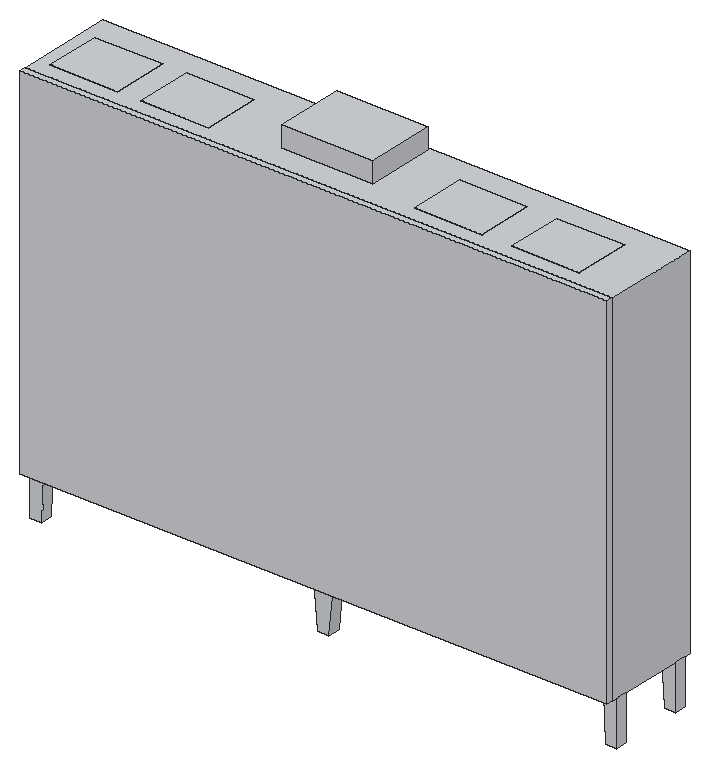
Revit family "AHU 1 _1", category Mechanické zařízení, Revit 2018
Family settings
  Kóta kulaté spojky = Použít průměr
  Typ dílu = Normální
  Číslo OmniClass = 23.75.00.00
  Nadpis OmniClass = Climate Control (HVAC)
  Založené na pracovní rovině = Ne
  Vždy vertikální = Ano
  Ořezat dutým tvarem při načtení = Ne
  Sdílené = Ne
  Bod výpočtu místnosti = Ne
Parameters (values of type "DUPLEXVENT 1500 Multi Eco-V")
  Width [instance] = 0.455 mm
  Weight [instance] = 329.00 kg
  URL = ""
  Type [instance] = "DUPLEXVENT 1500 Multi Eco-V"
  Total_SFP [instance] = 0
  Supply_outlet_hum [instance] = 90
  Supply_inlet_hum [instance] = 90
  Supply_ext_pressure [instance] = 0.0 Pa
  Supply_SFP [instance] = 0
  Source_adu_file [instance] = ""
  Recuperation_type [instance] = "Plate heat recovery exchanger"
  Recuperation_efficiency_EN308 [instance] = 0
  Project_name [instance] = ""
  Project_date [instance] = "10.8.2023"
  Power_supply_fusing [instance] = "0"
  Power_supply_cable [instance] = "0"
  Position [instance] = "AHU 1 "
  Phases_count [instance] = 1
  Panel_thickness [instance] = 0.06 mm
  Outer_surface [instance] = "RAL 9002"
  Length [instance] = 2.6 mm
  Insulation_type [instance] = "PUR"
  Insulation_thickness [instance] = 0.05 mm
  Installation_environment [instance] = ""
  Input_power_max [instance] = 1560 W
  Inner_surface [instance] = "Pozink"
  I2 [instance] = I1  # 0.0 L/s
  Height [instance] = 1.6 mm
  Exhaust_outlet_hum [instance] = 40
  Exhaust_inlet_hum [instance] = 40
  Exhaust_ext_pressure [instance] = 0.0 Pa
  Exhaust_SFP [instance] = 0
  E1 [instance] = E2 - M1  # 0.0 L/s
  E2 [instance] = 0.0 L/s
  I1 [instance] = 0.0 L/s
  Description = ""
  M1 [instance] = 0.0 L/s
  Device_dutypoint_version [instance] = "0"
  Device_design_version [instance] = "9"
  Device_adu_id [instance] = "1"
  Current_max [instance] = 7.8 A
  Casing_mat [instance] = "painted zinc layer"
  Cable type [instance] = "CYKY 3Jx2,5"
Reference planes
  plane 1 "Střed (vpředu/vzadu)": y = 0
  plane 2 "ref": z = 0
  plane 3 "Střed (vlevo/vpravo)": x = 0
Forms (mm)
  Sweep 1, solid
    path origin (0, 0, 0) x (0, 0, 1) y (1, 0, 0)
      loop
        line (0, 0) -> (1600, 0)
    profile origin (0, 0, 0) x (1, 0, 0) y (0, 1, 0)
      loop
        line (0, 0) -> (2600, 0) -> (2600, 425) -> (0, 425) -> (0, 0)
  Sweep 2, solid
    path origin (610, 190, 1599) x (0, 0, 1) y (1, 0, 0)
      loop
        line (0, 0) -> (1, 0)
    profile origin (610, 190, 1599) x (1, 0, 0) y (0, 1, 0)
      loop
        line (-150, -125) -> (150, -125) -> (150, 125) -> (-150, 125) -> (-150, -125)
  Sweep 3, solid
    path origin (2250, 190, 1599) x (0, 0, 1) y (1, 0, 0)
      loop
        line (0, 0) -> (1, 0)
    profile origin (2250, 190, 1599) x (1, 0, 0) y (0, 1, 0)
      loop
        line (-150, -125) -> (150, -125) -> (150, 125) -> (-150, 125) -> (-150, -125)
  Sweep 4, solid
    path origin (1820, 190, 1599) x (0, 0, 1) y (1, 0, 0)
      loop
        line (0, 0) -> (1, 0)
    profile origin (1820, 190, 1599) x (1, 0, 0) y (0, 1, 0)
      loop
        line (-150, -125) -> (150, -125) -> (150, 125) -> (-150, 125) -> (-150, -125)
  Sweep 5, solid
    path origin (205, 190, 1599) x (0, 0, 1) y (1, 0, 0)
      loop
        line (0, 0) -> (1, 0)
    profile origin (205, 190, 1599) x (1, 0, 0) y (0, 1, 0)
      loop
        line (-150, -125) -> (150, -125) -> (150, 125) -> (-150, 125) -> (-150, -125)
  Sweep 6, solid
    path origin (1150, 198, 0) x (0, -1, 0) y (0, 0, 1)
      loop
        line (0, 0) -> (0, -142)
    profile origin (1150, 198, 0) x (-1, 0, 0) y (0, -1, 0)
      loop
        circle (0, 0) r 8
  Sweep 7, solid
    path origin (1158, 198, -150) x (0, 0, -1) y (1, 0, 0)
      loop
        line (0, 0) -> (0, 14)
    profile origin (1158, 198, -150) x (0, 0, 1) y (0, -1, 0)
      loop
        circle (0, 0) r 8
  Sweep 8, solid
    path origin (1180, 198, -142) x (0, -1, 0) y (0, 0, 1)
      loop
        line (0, 0) -> (0, 59)
    profile origin (1180, 198, -142) x (0, 1, 0) y (-1, 0, 0)
      loop
        circle (0, 0) r 8
  Sweep 9, solid
    path origin (1188, 198, -75) x (0, 0, -1) y (1, 0, 0)
      loop
        line (0, 0) -> (0, 22)
    profile origin (1188, 198, -75) x (0, 0, 1) y (0, -1, 0)
      loop
        circle (0, 0) r 8
  Sweep 10, solid
    path origin (1625, 198, 0) x (0, -1, 0) y (0, 0, 1)
      loop
        line (0, 0) -> (0, -142)
    profile origin (1625, 198, 0) x (-1, 0, 0) y (0, -1, 0)
      loop
        circle (0, 0) r 8
  Sweep 11, solid
    path origin (1633, 198, -150) x (0, 0, -1) y (1, 0, 0)
      loop
        line (0, 0) -> (0, 14)
    profile origin (1633, 198, -150) x (0, 0, 1) y (0, -1, 0)
      loop
        circle (0, 0) r 8
  Sweep 12, solid
    path origin (1655, 198, -142) x (0, -1, 0) y (0, 0, 1)
      loop
        line (0, 0) -> (0, 59)
    profile origin (1655, 198, -142) x (0, 1, 0) y (-1, 0, 0)
      loop
        circle (0, 0) r 8
  Sweep 13, solid
    path origin (1663, 198, -75) x (0, 0, -1) y (1, 0, 0)
      loop
        line (0, 0) -> (0, 22)
    profile origin (1663, 198, -75) x (0, 0, 1) y (0, -1, 0)
      loop
        circle (0, 0) r 8
  Sweep 14, solid
    path origin (0, 0, 0) x (0, 0, 1) y (1, 0, 0)
      loop
        line (0, 0) -> (1600, 0)
    profile origin (0, 0, 0) x (1, 0, 0) y (0, 1, 0)
      loop
        line (0, -30) -> (2600, -30) -> (2600, -5) -> (0, -5) -> (0, -30)
  Sweep 15, solid
    path origin (25, 75, 0) x (1, 0, 0) y (0, 1, 0)
      loop
        line (0, 0) -> (0, -50)
    profile origin (25, 75, 0) x (1, 0, 0) y (0, 0, 1)
      loop
        line (-25, 0) -> (-25, -200) -> (25, -200) -> (35, 0) -> (-25, 0)
  Sweep 16, solid
    path origin (2575, 75, 0) x (1, 0, 0) y (0, 1, 0)
      loop
        line (0, 0) -> (0, -50)
    profile origin (2575, 75, 0) x (1, 0, 0) y (0, 0, 1)
      loop
        line (-35, 0) -> (-25, -200) -> (25, -200) -> (25, 0) -> (-35, 0)
  Sweep 17, solid
    path origin (25, 400, 0) x (1, 0, 0) y (0, 1, 0)
      loop
        line (0, 0) -> (0, -50)
    profile origin (25, 400, 0) x (1, 0, 0) y (0, 0, 1)
      loop
        line (-25, 0) -> (-25, -200) -> (25, -200) -> (35, 0) -> (-25, 0)
  Sweep 18, solid
    path origin (2575, 400, 0) x (1, 0, 0) y (0, 1, 0)
      loop
        line (0, 0) -> (0, -50)
    profile origin (2575, 400, 0) x (1, 0, 0) y (0, 0, 1)
      loop
        line (-35, 0) -> (-25, -200) -> (25, -200) -> (25, 0) -> (-35, 0)
  Sweep 19, solid
    path origin (1300, 75, 0) x (1, 0, 0) y (0, 1, 0)
      loop
        line (0, 0) -> (0, -50)
    profile origin (1300, 75, 0) x (1, 0, 0) y (0, 0, 1)
      loop
        line (-45, 0) -> (-25, -200) -> (25, -200) -> (45, 0) -> (-45, 0)
  Sweep 20, solid
    path origin (1300, 400, 0) x (1, 0, 0) y (0, 1, 0)
      loop
        line (0, 0) -> (0, -50)
    profile origin (1300, 400, 0) x (1, 0, 0) y (0, 0, 1)
      loop
        line (-45, 0) -> (-25, -200) -> (25, -200) -> (45, 0) -> (-45, 0)
  Sweep 21, solid
    path origin (0, 0, 1600) x (0, 0, 1) y (1, 0, 0)
      loop
        line (0, 0) -> (90, 0)
    profile origin (0, 0, 1600) x (1, 0, 0) y (0, 1, 0)
      loop
        line (1045, 110) -> (1450, 110) -> (1450, 415) -> (1045, 415) -> (1045, 110)
  Sweep 22, solid
    path origin (1045, 263, 1645) x (0, 0, -1) y (1, 0, 0)
      loop
        line (0, 0) -> (0, -1)
    profile origin (1045, 263, 1645) x (0, 0, -1) y (0, -1, 0)
      loop
        circle (0, 0) r 10
Lines and regions (mm)
  model lines, style "Symbol"
    curve 1: line (1300, -30, 1600) -> (1300, -30, 960)
    curve 2: line (650, -30, 1600) -> (650, -30, 480)
    curve 3: line (650, -30, 480) -> (820, -30, 480)
    curve 4: line (1950, -30, 1600) -> (1950, -30, 480)
    curve 5: line (1950, -30, 480) -> (1780, -30, 480)
    curve 6: line (820, -30, 480) -> (1060, -30, 960)
    curve 7: line (1060, -30, 960) -> (1540, -30, 960)
    curve 8: line (1540, -30, 960) -> (1780, -30, 480)
    curve 9: line (1780, -30, 480) -> (1540, -30, 0)
    curve 10: line (1540, -30, 0) -> (1300, -30, 0)
    curve 11: line (1300, -30, 0) -> (1060, -30, 0)
    curve 12: line (1060, -30, 0) -> (820, -30, 480)
    curve 13: line (2133, -30, 1140) -> (2187, -30, 1460)
    curve 14: line (2417, -30, 1140) -> (2363, -30, 1460)
    curve 15: line (183, -30, 1140) -> (237, -30, 1460)
    curve 16: line (467, -30, 1140) -> (413, -30, 1460)
    curve 17: line (715, -30, 1280) -> (1235, -30, 1280)
    curve 18: line (1235, -30, 1280) -> (1235, -30, 1120)
    curve 19: line (1235, -30, 1120) -> (715, -30, 1120)
    curve 20: line (715, -30, 1120) -> (715, -30, 1280)
    curve 21: line (715, -30, 1200) -> (975, -30, 1120)
    curve 22: line (1235, -30, 1200) -> (975, -30, 1120)
    curve 23: line (1365, -30, 1280) -> (1885, -30, 1280)
    curve 24: line (1885, -30, 1280) -> (1885, -30, 1120)
    curve 25: line (1885, -30, 1120) -> (1365, -30, 1120)
    curve 26: line (1365, -30, 1120) -> (1365, -30, 1280)
    curve 27: line (1365, -30, 1200) -> (1625, -30, 1120)
    curve 28: line (1885, -30, 1200) -> (1625, -30, 1120)
    curve 29: line (701, -30, 552) -> (919, -30, 979)
    curve 30: line (919, -30, 979) -> (1035, -30, 920)
    curve 31: line (1035, -30, 920) -> (817, -30, 493)
    curve 32: line (817, -30, 493) -> (701, -30, 552)
    curve 33: line (842, -30, 799) -> (982, -30, 844)
    curve 34: line (754, -30, 628) -> (894, -30, 673)
    curve 35: line (0, 425, -200) -> (0, 425, 0)
    curve 36: line (2600, 425, -200) -> (2600, 425, 0)
    curve 37: line (0, 425, -200) -> (2600, 425, -200)
    curve 38: line (0, 0, -200) -> (0, 0, 0)
    curve 39: line (2600, 0, -200) -> (2600, 0, 0)
    curve 40: line (0, 0, -200) -> (2600, 0, -200)
    curve 41: line (0, 425, -200) -> (0, 0, -200)
    curve 42: line (2600, 425, -200) -> (2600, 0, -200)
    curve 43: line (0, 200, -200) -> (200, 0, -200)
    curve 44: line (0, 400, -200) -> (400, 0, -200)
    curve 45: line (175, 425, -200) -> (600, 0, -200)
    curve 46: line (375, 425, -200) -> (800, 0, -200)
    curve 47: line (575, 425, -200) -> (1000, 0, -200)
    curve 48: line (775, 425, -200) -> (1200, 0, -200)
    curve 49: line (975, 425, -200) -> (1400, 0, -200)
    curve 50: line (1175, 425, -200) -> (1600, 0, -200)
    curve 51: line (1375, 425, -200) -> (1800, 0, -200)
    curve 52: line (1575, 425, -200) -> (2000, 0, -200)
    curve 53: line (1775, 425, -200) -> (2200, 0, -200)
    curve 54: line (1975, 425, -200) -> (2400, 0, -200)
    curve 55: line (2175, 425, -200) -> (2600, 0, -200)
    curve 56: line (2375, 425, -200) -> (2600, 200, -200)
    curve 57: line (2575, 425, -200) -> (2600, 400, -200)
    curve 58: line (2600, 200, -200) -> (2600, 0, 0)
    curve 59: line (2600, 400, -200) -> (2600, 200, 0)
    curve 60: line (2600, 425, -25) -> (2600, 400, 0)
    curve 61: line (0, 0, 0) -> (200, 0, -200)
    curve 62: line (200, 0, 0) -> (400, 0, -200)
    curve 63: line (400, 0, 0) -> (600, 0, -200)
    curve 64: line (600, 0, 0) -> (800, 0, -200)
    curve 65: line (800, 0, 0) -> (1000, 0, -200)
    curve 66: line (1000, 0, 0) -> (1200, 0, -200)
    curve 67: line (1200, 0, 0) -> (1400, 0, -200)
    curve 68: line (1400, 0, 0) -> (1600, 0, -200)
    curve 69: line (1600, 0, 0) -> (1800, 0, -200)
    curve 70: line (1800, 0, 0) -> (2000, 0, -200)
    curve 71: line (2000, 0, 0) -> (2200, 0, -200)
    curve 72: line (2200, 0, 0) -> (2400, 0, -200)
    curve 73: line (2400, 0, 0) -> (2600, 0, -200)
    curve 74: line (0, 0, 2180) -> (0, 0, 1600)
    curve 75: line (2600, 0, 2180) -> (2600, 0, 1600)
    curve 76: line (0, 0, 2180) -> (2600, 0, 2180)
    curve 77: line (0, 425, 2180) -> (0, 425, 1600)
    curve 78: line (2600, 425, 2180) -> (2600, 425, 1600)
    curve 79: line (0, 425, 2180) -> (2600, 425, 2180)
    curve 80: line (0, 0, 2180) -> (0, 425, 2180)
    curve 81: line (2600, 0, 2180) -> (2600, 425, 2180)
    curve 82: line (0, 225, 2180) -> (200, 425, 2180)
    curve 83: line (0, 25, 2180) -> (400, 425, 2180)
    curve 84: line (175, 0, 2180) -> (600, 425, 2180)
    curve 85: line (375, 0, 2180) -> (800, 425, 2180)
    curve 86: line (575, 0, 2180) -> (1000, 425, 2180)
    curve 87: line (775, 0, 2180) -> (1200, 425, 2180)
    curve 88: line (975, 0, 2180) -> (1400, 425, 2180)
    curve 89: line (1175, 0, 2180) -> (1600, 425, 2180)
    curve 90: line (1375, 0, 2180) -> (1800, 425, 2180)
    curve 91: line (1575, 0, 2180) -> (2000, 425, 2180)
    curve 92: line (1775, 0, 2180) -> (2200, 425, 2180)
    curve 93: line (1975, 0, 2180) -> (2400, 425, 2180)
    curve 94: line (2175, 0, 2180) -> (2600, 425, 2180)
    curve 95: line (2375, 0, 2180) -> (2600, 225, 2180)
    curve 96: line (2575, 0, 2180) -> (2600, 25, 2180)
    curve 97: line (2600, 225, 2180) -> (2600, 425, 1980)
    curve 98: line (2600, 25, 2180) -> (2600, 425, 1780)
    curve 99: line (2600, 0, 2005) -> (2600, 405, 1600)
    curve 100: line (2600, 0, 1805) -> (2600, 205, 1600)
    curve 101: line (2600, 0, 1605) -> (2600, 5, 1600)
    curve 102: line (0, 425, 1980) -> (200, 425, 2180)
    curve 103: line (0, 425, 1780) -> (400, 425, 2180)
    curve 104: line (20, 425, 1600) -> (600, 425, 2180)
    curve 105: line (220, 425, 1600) -> (800, 425, 2180)
    curve 106: line (420, 425, 1600) -> (1000, 425, 2180)
    curve 107: line (620, 425, 1600) -> (1200, 425, 2180)
    curve 108: line (820, 425, 1600) -> (1400, 425, 2180)
    curve 109: line (1020, 425, 1600) -> (1600, 425, 2180)
    curve 110: line (1220, 425, 1600) -> (1800, 425, 2180)
    curve 111: line (1420, 425, 1600) -> (2000, 425, 2180)
    curve 112: line (1620, 425, 1600) -> (2200, 425, 2180)
    curve 113: line (1820, 425, 1600) -> (2400, 425, 2180)
    curve 114: line (2020, 425, 1600) -> (2600, 425, 2180)
    curve 115: line (2220, 425, 1600) -> (2600, 425, 1980)
    curve 116: line (2420, 425, 1600) -> (2600, 425, 1780)
    curve 117: line (0, -30, 0) -> (0, -30, 1600)
    curve 118: line (0, -30, 1600) -> (1120, -30, 1600)
    curve 119: line (1120, -30, 1600) -> (1120, -30, 0)
    curve 120: line (1120, -30, 0) -> (0, -30, 0)
    curve 121: line (1480, -30, 0) -> (1480, -30, 1600)
    curve 122: line (1480, -30, 1600) -> (2600, -30, 1600)
    curve 123: line (2600, -30, 1600) -> (2600, -30, 0)
    curve 124: line (2600, -30, 0) -> (1480, -30, 0)
    curve 125: line (0, -30, 0) -> (2600, -30, 0)
    curve 126: line (0, -30, 1600) -> (2600, -30, 1600)
    curve 127: line (0, -30, 0) -> (0, -30, 1600)
    curve 128: line (2600, -30, 0) -> (2600, -30, 1600)
    curve 129: line (0, -30, 0) -> (0, -5, 0)
    curve 130: line (2600, -30, 0) -> (2600, -5, 0)
    curve 131: line (0, -30, 1600) -> (0, -5, 1600)
    curve 132: line (2600, -30, 1600) -> (2600, -5, 1600)
    curve 133: circle (2275, -30, 1280) r 200 normal (0, -1, 0)
    curve 134: circle (325, -30, 1280) r 200 normal (0, -1, 0)
    curve 135: circle (912, -30, 822) r 20 normal (0, -1, 0)
    curve 136: circle (824, -30, 650) r 20 normal (0, -1, 0)
    curve 137: circle (1150, 198, 0) r 8 normal (0, 0, -1)
    curve 138: circle (1150, 198, -142) r 8 normal (0, 0, -1)
    curve 139: circle (1625, 198, 0) r 8 normal (0, 0, -1)
    curve 140: circle (1625, 198, -142) r 8 normal (0, 0, -1)
Dimensions and locks
  aligned and locked: level to plane 2 "ref"
Connectors
  hvac at (610, 190, 1600), driven by "E1"
    settings: on Sweep 2, index 1, duct flow 0.0 L/s, flow factor 0, pres drop 0.0 Pa, loss coef 0, conn angle 0.00°, conn width 250 mm, conn height 300 mm, conn diameter 609.6 mm, duct sys type 1, conn prof type 1, flow config 1, flow direction 1, loss method 0, conn ref index -1, conn util no, is conn primary yes, conn desc ""
  hvac at (2250, 190, 1600), driven by "E2"
    settings: on Sweep 3, index 2, duct flow 0.0 L/s, flow factor 1, pres drop 0.0 Pa, loss coef 0, conn angle 0.00°, conn width 250 mm, conn height 300 mm, conn diameter 609.6 mm, duct sys type 1, conn prof type 1, flow config 2, flow direction 2, loss method 0, conn ref index -1, conn util no, is conn primary no, conn desc ""
  hvac at (1820, 190, 1600), driven by "I1"
    settings: on Sweep 4, index 3, duct flow 0.0 L/s, flow factor 1, pres drop 0.0 Pa, loss coef 0, conn angle 0.00°, conn width 250 mm, conn height 300 mm, conn diameter 609.6 mm, duct sys type 3, conn prof type 1, flow config 2, flow direction 1, loss method 0, conn ref index -1, conn util no, is conn primary no, conn desc ""
  hvac at (205, 190, 1600), driven by "I2"
    settings: on Sweep 5, index 4, duct flow 0.0 L/s, flow factor 0, pres drop 0.0 Pa, loss coef 0, conn angle 0.00°, conn width 250 mm, conn height 300 mm, conn diameter 609.6 mm, duct sys type 3, conn prof type 1, flow config 1, flow direction 2, loss method 0, conn ref index -1, conn util no, is conn primary no, conn desc ""
  piping at (1210, 198, -75), diameter 40
    settings: on Sweep 9, index 5, connector inside diameter 609.6 mm, connector length 0 mm, flow factor 0, pipe flow 0.0 L/s, pressure drop 0.0 Pa, fitting loss kfactor 0, connector angle 0.00°, fixture units 0, engagement length 0 mm, angle of deflection 0.00°, flow configuration 1, flow direction 2, fitting loss method 0, system type 16, joint type 0, gender type 0, connector reference index -1, connector utility 0, adjustable connector no, is connector primary yes, connector description ""
  piping at (1685, 198, -75), diameter 40
    settings: on Sweep 13, index 6, connector inside diameter 609.6 mm, connector length 0 mm, flow factor 0, pipe flow 0.0 L/s, pressure drop 0.0 Pa, fitting loss kfactor 0, connector angle 0.00°, fixture units 0, engagement length 0 mm, angle of deflection 0.00°, flow configuration 1, flow direction 2, fitting loss method 0, system type 16, joint type 0, gender type 0, connector reference index -1, connector utility 0, adjustable connector no, is connector primary no, connector description ""
  electrical at (1044, 263, 1645)
    settings: on Sweep 22, index 7, voltage 230 V, apparent load 0 VA, apparent load phase1 0 VA, apparent load phase2 0 VA, apparent load phase3 0 VA, power factor 1, load classification "Další", number of poles 1, system type 31, power factor state 1, is connector primary yes, connector utility no, sub classification motor no, connector description ""
